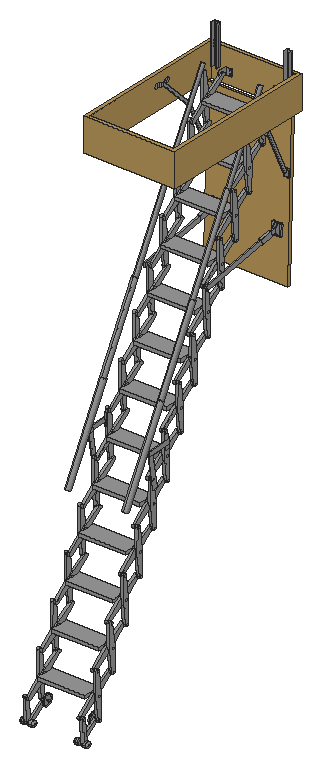
Revit family "schaartrap_Large-H 700x1200 mm", category Generic Models, Revit 2019 (continued)
Automatic sketch dimensions
  Sweep 51 sketch curve to Sweep 51 sketch curve = 20 mm
  level to Sweep 51 sketch curve = 20 mm
  Sweep 51 sketch curve to profile plane = 0 mm  (x2)
  Sweep 51 sketch curve to profile plane = 7.976 mm
  Sweep 51 sketch curve to Sweep 51 sketch curve = 2.281 mm
  Extrusion 54 sketch curve to plane 1 "Center (Front/Back)" = 20 mm
  level to Extrusion 54 sketch curve = 20 mm
  Sweep 55 sketch curve to Sweep 55 sketch curve = 0 mm  (x2)
  Sweep 55 sketch curve to plane 1 "Center (Front/Back)" = 0 mm
  Sweep 55 sketch curve to Sweep 55 sketch curve = 20 mm
  level to Sweep 55 sketch curve = 20 mm
  Sweep 55 sketch curve to profile plane = 0 mm  (x2)
  Sweep 55 sketch curve to profile plane = 7.976 mm
  Sweep 55 sketch curve to Sweep 55 sketch curve = 2.281 mm
  Extrusion 56 sketch curve to plane 1 "Center (Front/Back)" = 20 mm
  level to Extrusion 56 sketch curve = 20 mm
  Sweep 57 sketch curve to Sweep 57 sketch curve = 0 mm  (x2)
  Sweep 57 sketch curve to plane 1 "Center (Front/Back)" = 0 mm
  Sweep 57 sketch curve to Sweep 57 sketch curve = 20 mm
  level to Sweep 57 sketch curve = 20 mm
  profile plane to Sweep 57 sketch curve = 0 mm
  Sweep 57 sketch curve to profile plane = 0 mm
  profile plane to Sweep 57 sketch curve = 7.976 mm
  Sweep 57 sketch curve to Sweep 57 sketch curve = 2.281 mm
  curve 15 to plane 3 "Center (Left/Right)" = 0 mm
  curve 19 to plane 3 "Center (Left/Right)" = 0 mm
  plane 3 "Center (Left/Right)" to curve 16 = 34.056 mm
  curve 15 to curve 16 = 0 mm
  curve 15 to curve 19 = 117.973 mm
  curve 19 to plane 3 "Center (Left/Right)" = 34.056 mm
  curve 15 to curve 15 = 4227.74 mm
  Sweep 58 sketch curve to plane 13 = 0 mm
  Sweep 58 sketch curve to plane 12 = 0 mm
  Sweep 58 sketch curve to plane 19 "bk. omtimmering" = 0 mm
  Sweep 58 sketch curve to profile plane = 0 mm
  Sweep 58 sketch curve to Sweep 58 sketch curve = 24 mm
  Extrusion 59 sketch curve to plane 18 "traplijn" = 711.765 mm
  Extrusion 59 sketch curve to Extrusion 59 sketch curve = 20.48 mm
  Extrusion 59 sketch curve to Extrusion 59 sketch curve = 199.001 mm
  Extrusion 59 sketch curve to Extrusion 59 sketch curve = 3.611 mm
  plane 6 to Extrusion 60 sketch curve = 2 mm  (x2)
  Extrusion 60 sketch curve to plane 6 = 8 mm
  Extrusion 60 sketch curve to Extrusion 60 sketch curve = 10 mm  (x2)
  Extrusion 60 sketch curve to Extrusion 60 sketch curve = 73.838 mm
  plane 7 to Extrusion 60 sketch curve = 33 mm
  plane 8 to Extrusion 61 sketch curve = 2 mm  (x2)
  Extrusion 61 sketch curve to plane 8 = 8 mm
  Extrusion 61 sketch curve to Extrusion 61 sketch curve = 10 mm  (x2)
  Extrusion 61 sketch curve to Extrusion 61 sketch curve = 73.838 mm
  plane 9 to Extrusion 61 sketch curve = 33 mm
  Extrusion 62 sketch curve to plane 16 = 44.5 mm
  Extrusion 62 sketch curve to Extrusion 62 sketch curve = 60 mm
  Extrusion 62 sketch curve to plane 16 = 10 mm
  Extrusion 63 sketch curve to plane 15 = 44.5 mm
  Extrusion 63 sketch curve to Extrusion 63 sketch curve = 60 mm
  Extrusion 63 sketch curve to plane 15 = 10 mm
  plane 20 to Extrusion 64 sketch curve = 108.998 mm
  Extrusion 64 sketch curve to Extrusion 64 sketch curve = 5 mm
  Extrusion 64 sketch curve to Extrusion 64 sketch curve = 13.998 mm
  Extrusion 64 sketch curve to Extrusion 64 sketch curve = 6.458 mm  (x2)
  Extrusion 64 sketch curve to Extrusion 64 sketch curve = 0 mm  (x12)
  plane 19 "bk. omtimmering" to Extrusion 64 sketch curve = 5 mm
  Extrusion 64 sketch curve to Extrusion 64 sketch curve = 6.002 mm  (x2)
  Extrusion 64 sketch curve to Extrusion 64 sketch curve = 20 mm  (x11)
  Extrusion 64 sketch curve to plane 19 "bk. omtimmering" = 15 mm
  Extrusion 65 sketch curve to Extrusion 65 sketch curve = 28.028 mm
  Extrusion 65 sketch curve to plane 19 "bk. omtimmering" = 182.202 mm
  Extrusion 65 sketch curve to Extrusion 65 sketch curve = 25 mm
  Extrusion 66 sketch curve to plane 6 = 0 mm
  plane 6 to Extrusion 66 sketch curve = 4 mm
  Extrusion 66 sketch curve to plane 11 = 18.5 mm
  Extrusion 66 sketch curve to Extrusion 66 sketch curve = 4 mm
  Extrusion 66 sketch curve to Extrusion 66 sketch curve = 69.409 mm
  Extrusion 67 sketch curve to Extrusion 67 sketch curve = 0 mm  (x4)
  Extrusion 67 sketch curve to plane 11 = 9.236 mm  (x2)
  Extrusion 67 sketch curve to plane 19 "bk. omtimmering" = 143.203 mm
  Extrusion 67 sketch curve to Extrusion 67 sketch curve = 28.75 mm
  Extrusion 67 sketch curve to plane 11 = 4.236 mm  (x2)
  Extrusion 68 sketch curve to Extrusion 68 sketch curve = 0 mm  (x8)
  Extrusion 68 sketch curve to plane 16 = 25 mm
  Extrusion 68 sketch curve to Extrusion 68 sketch curve = 2 mm
  Extrusion 68 sketch curve to Extrusion 68 sketch curve = 1.001 mm
  plane 9 to Extrusion 68 sketch curve = 32.5 mm
  Extrusion 68 sketch curve to Extrusion 68 sketch curve = 1 mm
  Extrusion 68 sketch curve to Extrusion 68 sketch curve = 26.999 mm
  plane 20 to Extrusion 69 sketch curve = 108.998 mm
  Extrusion 69 sketch curve to Extrusion 69 sketch curve = 5 mm
  Extrusion 69 sketch curve to Extrusion 69 sketch curve = 13.998 mm
  Extrusion 69 sketch curve to Extrusion 69 sketch curve = 6.458 mm  (x2)
  Extrusion 69 sketch curve to Extrusion 69 sketch curve = 0 mm  (x12)
  plane 19 "bk. omtimmering" to Extrusion 69 sketch curve = 5 mm
  Extrusion 69 sketch curve to Extrusion 69 sketch curve = 20 mm  (x11)
  Extrusion 69 sketch curve to plane 19 "bk. omtimmering" = 15 mm
  Extrusion 69 sketch curve to Extrusion 69 sketch curve = 6.002 mm  (x2)
  Extrusion 70 sketch curve to Extrusion 70 sketch curve = 0 mm  (x6)
  Extrusion 70 sketch curve to plane 15 = 25 mm
  Extrusion 70 sketch curve to Extrusion 70 sketch curve = 2 mm
  Extrusion 70 sketch curve to Extrusion 70 sketch curve = 1.001 mm
  plane 7 to Extrusion 70 sketch curve = 32.5 mm
  Extrusion 70 sketch curve to Extrusion 70 sketch curve = 1 mm
  Extrusion 70 sketch curve to Extrusion 70 sketch curve = 27 mm
  Extrusion 70 sketch curve to Extrusion 70 sketch curve = 26.999 mm
  plane 16 to Extrusion 73 sketch curve = 1 mm  (x2)
  Extrusion 73 sketch curve to plane 16 = 2 mm  (x2)
  Extrusion 73 sketch curve to plane 16 = 15 mm
  Extrusion 73 sketch curve to Extrusion 73 sketch curve = 3 mm
  Extrusion 73 sketch curve to Extrusion 73 sketch curve = 22.101 mm  (x2)
  Extrusion 73 sketch curve to Extrusion 73 sketch curve = 1.562 mm  (x4)
  Extrusion 73 sketch curve to Extrusion 73 sketch curve = 11.203 mm  (x2)
  Extrusion 73 sketch curve to Extrusion 73 sketch curve = 28.769 mm
  Extrusion 74 sketch curve to plane 19 "bk. omtimmering" = 77.202 mm  (x2)
  Extrusion 74 sketch curve to Extrusion 74 sketch curve = 82 mm
  Extrusion 75 sketch curve to plane 19 "bk. omtimmering" = 62.202 mm
  Extrusion 75 sketch curve to Extrusion 75 sketch curve = 98.5 mm
  Extrusion 75 sketch curve to plane 19 "bk. omtimmering" = 77.202 mm
  Extrusion 75 sketch curve to Extrusion 75 sketch curve = 15 mm  (x2)
  Extrusion 76 sketch curve to plane 19 "bk. omtimmering" = 77.202 mm
  Extrusion 76 sketch curve to plane 20 = 33.181 mm
  Extrusion 76 sketch curve to Extrusion 76 sketch curve = 3.25 mm
  Extrusion 76 sketch curve to Extrusion 76 sketch curve = 4 mm
  plane 15 to Extrusion 77 sketch curve = 1 mm  (x2)
  Extrusion 77 sketch curve to plane 15 = 2 mm  (x2)
  Extrusion 77 sketch curve to plane 15 = 15 mm
  Extrusion 77 sketch curve to Extrusion 77 sketch curve = 3 mm
  Extrusion 77 sketch curve to Extrusion 77 sketch curve = 22.101 mm  (x2)
  Extrusion 77 sketch curve to Extrusion 77 sketch curve = 1.562 mm  (x4)
  Extrusion 77 sketch curve to Extrusion 77 sketch curve = 11.203 mm  (x2)
  Extrusion 77 sketch curve to Extrusion 77 sketch curve = 28.769 mm
  Extrusion 78 sketch curve to plane 19 "bk. omtimmering" = 92.202 mm
  Extrusion 78 sketch curve to plane 19 "bk. omtimmering" = 62.202 mm
  Extrusion 78 sketch curve to Extrusion 78 sketch curve = 98.5 mm
  Extrusion 78 sketch curve to Extrusion 78 sketch curve = 30 mm
  Extrusion 78 sketch curve to Extrusion 78 sketch curve = 15 mm
  Extrusion 79 sketch curve to plane 20 = 73.976 mm
  Extrusion 79 sketch curve to Extrusion 79 sketch curve = 11.169 mm
  Extrusion 79 sketch curve to Extrusion 79 sketch curve = 0.478 mm
  Extrusion 79 sketch curve to Extrusion 79 sketch curve = 277.781 mm
  Extrusion 79 sketch curve to Extrusion 79 sketch curve = 5.787 mm  (x2)
  Extrusion 79 sketch curve to Extrusion 79 sketch curve = 4.301 mm
  Extrusion 79 sketch curve to Extrusion 79 sketch curve = 193.032 mm
  Extrusion 79 sketch curve to Extrusion 79 sketch curve = 8.155 mm
  Extrusion 80 sketch curve to plane 20 = 73.976 mm
  Extrusion 80 sketch curve to Extrusion 80 sketch curve = 11.169 mm
  Extrusion 80 sketch curve to Extrusion 80 sketch curve = 0.478 mm
  Extrusion 80 sketch curve to Extrusion 80 sketch curve = 277.781 mm
  Extrusion 80 sketch curve to Extrusion 80 sketch curve = 5.787 mm  (x2)
  Extrusion 80 sketch curve to Extrusion 80 sketch curve = 188.731 mm
  Extrusion 80 sketch curve to Extrusion 80 sketch curve = 8.155 mm
  Extrusion 80 sketch curve to Extrusion 80 sketch curve = 4.301 mm
  Sweep 14 sketch curve to Sweep 14 sketch curve = 257.672 mm
  Sweep 14 sketch curve to Sweep 14 sketch curve = 643.315 mm
  Sweep 14 sketch curve to profile plane = 0 mm  (x2)
  Sweep 15 sketch curve to Sweep 15 sketch curve = 232.241 mm
  Sweep 15 sketch curve to Sweep 15 sketch curve = 579.823 mm
  Sweep 15 sketch curve to profile plane = 0 mm  (x2)
  Sweep 16 sketch curve to Sweep 16 sketch curve = 254.869 mm
  Sweep 16 sketch curve to Sweep 16 sketch curve = 636.315 mm
  Sweep 16 sketch curve to profile plane = 0 mm  (x2)
  Sweep 17 sketch curve to profile plane = 0 mm  (x2)
  Extrusion 81 sketch curve to Extrusion 81 sketch curve = 11.155 mm
  Extrusion 81 sketch curve to Extrusion 81 sketch curve = 22.709 mm
  Extrusion 81 sketch curve to Extrusion 81 sketch curve = 13.423 mm
  Extrusion 81 sketch curve to Extrusion 81 sketch curve = 24.003 mm
  Extrusion 81 sketch curve to Extrusion 81 sketch curve = 14.472 mm
  Extrusion 82 sketch curve to Extrusion 82 sketch curve = 3.617 mm  (x2)
  Extrusion 82 sketch curve to Extrusion 82 sketch curve = 23.983 mm  (x2)
  Extrusion 82 sketch curve to Extrusion 82 sketch curve = 123.59 mm
  Extrusion 82 sketch curve to Extrusion 82 sketch curve = 18.023 mm
  Extrusion 82 sketch curve to Extrusion 82 sketch curve = 3.252 mm
  Extrusion 82 sketch curve to Extrusion 82 sketch curve = 11.758 mm
  Extrusion 83 sketch curve to Extrusion 83 sketch curve = 11.69 mm
  Extrusion 83 sketch curve to Extrusion 83 sketch curve = 18.023 mm
  Extrusion 83 sketch curve to Extrusion 83 sketch curve = 11.758 mm  (x2)
  Extrusion 83 sketch curve to Extrusion 83 sketch curve = 29.781 mm
  Extrusion 83 sketch curve to Extrusion 83 sketch curve = 3.617 mm
  Extrusion 83 sketch curve to Extrusion 83 sketch curve = 44.672 mm
  Extrusion 83 sketch curve to Extrusion 83 sketch curve = 23.983 mm
  Extrusion 84 sketch curve to Extrusion 84 sketch curve = 19.372 mm  (x2)
  Extrusion 84 sketch curve to Extrusion 84 sketch curve = 9.746 mm  (x2)
  Extrusion 84 sketch curve to Extrusion 84 sketch curve = 43.196 mm
  Extrusion 84 sketch curve to Extrusion 84 sketch curve = 7.219 mm
  Extrusion 84 sketch curve to Extrusion 84 sketch curve = 213.535 mm
  Extrusion 84 sketch curve to Extrusion 84 sketch curve = 15.803 mm
  Sweep 18 sketch curve to Sweep 18 sketch curve = 257.672 mm
  Sweep 18 sketch curve to Sweep 18 sketch curve = 643.315 mm
  Sweep 18 sketch curve to profile plane = 0 mm  (x2)
  Sweep 19 sketch curve to Sweep 19 sketch curve = 232.241 mm
  Sweep 19 sketch curve to Sweep 19 sketch curve = 579.823 mm
  Sweep 19 sketch curve to profile plane = 0 mm  (x2)
  Sweep 20 sketch curve to Sweep 20 sketch curve = 254.869 mm
  Sweep 20 sketch curve to Sweep 20 sketch curve = 636.315 mm
  Sweep 20 sketch curve to profile plane = 0 mm  (x2)
  Sweep 21 sketch curve to profile plane = 0 mm  (x2)
  Extrusion 53 sketch curve to plane 20 = 78.084 mm
  Sweep 17 sketch curve to Sweep 17 sketch curve = 237.966 mm
  Sweep 17 sketch curve to Sweep 17 sketch curve = 594.115 mm
  Sweep 21 sketch curve to Sweep 21 sketch curve = 237.966 mm
  Sweep 21 sketch curve to Sweep 21 sketch curve = 594.115 mm
  Sweep 89 sketch curve to Sweep 89 sketch curve = 403.048 mm
  Sweep 89 sketch curve to Sweep 89 sketch curve = 563.739 mm
  Sweep 89 sketch curve to profile plane = 0 mm  (x2)
  Sweep 90 sketch curve to Sweep 90 sketch curve = 363.269 mm
  Sweep 90 sketch curve to Sweep 90 sketch curve = 508.101 mm
  Sweep 90 sketch curve to profile plane = 0 mm  (x2)
  Sweep 91 sketch curve to Sweep 91 sketch curve = 398.662 mm
  Sweep 91 sketch curve to Sweep 91 sketch curve = 557.605 mm
  Sweep 91 sketch curve to profile plane = 0 mm  (x2)
  Sweep 92 sketch curve to profile plane = 0 mm  (x2)
  Extrusion 93 sketch curve to Extrusion 93 sketch curve = 17.448 mm
  Extrusion 93 sketch curve to Extrusion 93 sketch curve = 23.631 mm
  Extrusion 93 sketch curve to Extrusion 93 sketch curve = 8.032 mm
  Extrusion 93 sketch curve to Extrusion 93 sketch curve = 24.976 mm
  Extrusion 93 sketch curve to Extrusion 93 sketch curve = 22.637 mm
  Extrusion 94 sketch curve to Extrusion 94 sketch curve = 0.099 mm  (x2)
  Extrusion 94 sketch curve to Extrusion 94 sketch curve = 25.931 mm  (x2)
  Extrusion 94 sketch curve to Extrusion 94 sketch curve = 124.498 mm
  Extrusion 94 sketch curve to Extrusion 94 sketch curve = 15.086 mm
  Extrusion 94 sketch curve to Extrusion 94 sketch curve = 14.502 mm
  Extrusion 94 sketch curve to Extrusion 94 sketch curve = 14.914 mm
  Extrusion 95 sketch curve to Extrusion 95 sketch curve = 0.321 mm
  Extrusion 95 sketch curve to Extrusion 95 sketch curve = 15.086 mm
  Extrusion 95 sketch curve to Extrusion 95 sketch curve = 14.914 mm  (x2)
  Extrusion 95 sketch curve to Extrusion 95 sketch curve = 30 mm
  Extrusion 95 sketch curve to Extrusion 95 sketch curve = 0.099 mm
  Extrusion 95 sketch curve to Extrusion 95 sketch curve = 45 mm
  Extrusion 95 sketch curve to Extrusion 95 sketch curve = 25.931 mm
  Extrusion 96 sketch curve to Extrusion 96 sketch curve = 16.487 mm  (x2)
  Extrusion 96 sketch curve to Extrusion 96 sketch curve = 13.425 mm  (x2)
  Extrusion 96 sketch curve to Extrusion 96 sketch curve = 3.413 mm
  Extrusion 96 sketch curve to Extrusion 96 sketch curve = 2.296 mm
  Extrusion 96 sketch curve to Extrusion 96 sketch curve = 219.355 mm
  Extrusion 96 sketch curve to Extrusion 96 sketch curve = 18.793 mm
  Sweep 92 sketch curve to Sweep 92 sketch curve = 372.223 mm
  Sweep 92 sketch curve to Sweep 92 sketch curve = 520.625 mm
  Extrusion 38 sketch curve to Extrusion 38 sketch curve = 0 mm  (x2)
  Extrusion 3 sketch curve to Extrusion 3 sketch curve = 0 mm  (x2)
  Extrusion 10 sketch curve to Extrusion 10 sketch curve = 0 mm  (x2)
  Extrusion 97 sketch curve to Extrusion 97 sketch curve = 3.183 mm
  Extrusion 97 sketch curve to Extrusion 97 sketch curve = 3.949 mm  (x4)
  Extrusion 97 sketch curve to Extrusion 97 sketch curve = 152.375 mm
  Extrusion 97 sketch curve to Extrusion 97 sketch curve = 4.653 mm
  plane 20 to Extrusion 97 sketch curve = 92.409 mm
  Extrusion 97 sketch curve to plane 20 = 1741.344 mm
  Extrusion 97 sketch curve to Extrusion 97 sketch curve = 47.045 mm
  Extrusion 97 sketch curve to Extrusion 97 sketch curve = 74.856 mm
  Extrusion 97 sketch curve to Extrusion 97 sketch curve = 226.432 mm
  Extrusion 97 sketch curve to Extrusion 97 sketch curve = 0.637 mm  (x2)
  Extrusion 97 sketch curve to Extrusion 97 sketch curve = 19.745 mm
  Extrusion 97 sketch curve to Extrusion 97 sketch curve = 5.05 mm
  Extrusion 4 sketch curve to Extrusion 4 sketch curve = 8.413 mm  (x4)
  Extrusion 53 sketch curve to plane 21 = 245.954 mm
  Sweep 58 sketch curve to plane 21 = 0 mm
  Extrusion 59 sketch curve to plane 21 = 97.531 mm
  Extrusion 64 sketch curve to plane 21 = 62.998 mm
  Extrusion 65 sketch curve to plane 21 = 105.409 mm
  Extrusion 66 sketch curve to plane 21 = 26 mm
  Extrusion 68 sketch curve to plane 21 = 56 mm
  Extrusion 69 sketch curve to plane 21 = 62.998 mm
  Extrusion 70 sketch curve to plane 21 = 26 mm
  Extrusion 73 sketch curve to plane 21 = 539.25 mm
  Extrusion 74 sketch curve to plane 21 = 531 mm
  Extrusion 75 sketch curve to plane 21 = 539.25 mm
  Extrusion 76 sketch curve to Extrusion 76 sketch curve = 0 mm  (x2)
  Extrusion 76 sketch curve to plane 21 = 490 mm
  Extrusion 76 sketch curve to plane 21 = 261.309 mm
  Extrusion 77 sketch curve to plane 21 = 440.75 mm
  Extrusion 78 sketch curve to plane 21 = 440.75 mm
  Extrusion 79 sketch curve to plane 18 "traplijn" = 132.92 mm
  Extrusion 80 sketch curve to plane 18 "traplijn" = 132.92 mm
  Extrusion 97 sketch curve to plane 21 = 76.388 mm
  Extrusion 4 sketch curve to plane 1 "Center (Front/Back)" = 337.316 mm
  Extrusion 4 sketch curve to plane 22 = 251.175 mm
  Extrusion 4 sketch curve to plane 22 = 122.564 mm
  Extrusion 4 sketch curve to plane 22 = 114.151 mm
  plane 22 to Extrusion 4 sketch curve = 6.047 mm
  plane 22 to Extrusion 4 sketch curve = 14.46 mm
  Sweep 58 sketch curve to plane 22 = 0 mm
  plane 22 to Extrusion 97 sketch curve = 70.841 mm
  Extrusion 97 sketch curve to plane 22 = 42.452 mm
  curve 5 to plane 13 = 0 mm
  curve 14 to plane 3 "Center (Left/Right)" = 0 mm
  curve 11 to plane 3 "Center (Left/Right)" = 0 mm
  curve 13 to plane 3 "Center (Left/Right)" = 0 mm
  curve 9 to plane 11 = 0 mm
  curve 3 to plane 12 = 0 mm
  curve 2 to plane 22 = 0 mm
  curve 13 to plane 21 = 0 mm
  curve 13 to plane 3 "Center (Left/Right)" = 25.981 mm
  plane 3 "Center (Left/Right)" to curve 12 = 25.981 mm
  curve 10 to plane 22 = 103.331 mm
  curve 14 to curve 11 = 45 mm
  curve 9 to plane 22 = 103.331 mm
  curve 8 to plane 22 = 103.331 mm
  curve 1 to plane 1 "Center (Front/Back)" = 81.45 mm
  plane 22 to curve 7 = 6.047 mm
  curve 7 to curve 6 = 128.611 mm
  curve 6 to curve 20 = 128.611 mm
  curve 20 to curve 21 = 128.611 mm
  curve 21 to curve 22 = 128.611 mm
  curve 22 to curve 23 = 128.611 mm
  curve 23 to curve 24 = 128.611 mm
  curve 24 to curve 25 = 128.611 mm
  Extrusion 71 sketch curve to plane 8 = 0 mm
  plane 8 to Extrusion 71 sketch curve = 4 mm
  Extrusion 71 sketch curve to plane 10 = 18.5 mm
  Extrusion 71 sketch curve to plane 21 = 99.409 mm
  Extrusion 71 sketch curve to plane 21 = 30 mm
  Extrusion 71 sketch curve to Extrusion 71 sketch curve = 4 mm
  Extrusion 72 sketch curve to Extrusion 72 sketch curve = 0 mm  (x4)
  Extrusion 72 sketch curve to plane 10 = 9.236 mm  (x2)
  plane 20 to Extrusion 72 sketch curve = 78.047 mm
  Extrusion 72 sketch curve to Extrusion 72 sketch curve = 28.75 mm
  Extrusion 72 sketch curve to plane 10 = 4.236 mm  (x2)
  curve 25 to plane 10 = 0 mm
  radius of Extrusion 38 sketch curve = 5.05 mm  (x37)
  radius of Extrusion 38 sketch curve = 5.25 mm
  radius of Extrusion 52 sketch curve = 21 mm  (x13)
  radius of Extrusion 3 sketch curve = 5.05 mm  (x37)
  radius of Extrusion 3 sketch curve = 5.25 mm
  radius of Extrusion 35 sketch curve = 21 mm  (x13)
  radius of Extrusion 10 sketch curve = 5.05 mm  (x37)
  radius of Extrusion 10 sketch curve = 5.25 mm
  radius of Extrusion 34 sketch curve = 21 mm  (x13)
  radius of Extrusion 44 sketch curve = 4 mm
  radius of Extrusion 42 sketch curve = 5.25 mm  (x2)
  radius of Extrusion 47 sketch curve = 4 mm
  radius of Extrusion 24 sketch curve = 4 mm
  radius of Extrusion 22 sketch curve = 5.25 mm  (x2)
  radius of Extrusion 33 sketch curve = 4 mm
  radius of Extrusion 28 sketch curve = 4 mm
  radius of Extrusion 26 sketch curve = 5.25 mm  (x2)
  radius of Extrusion 31 sketch curve = 4 mm
  radius of Extrusion 48 sketch curve = 20 mm
  radius of Extrusion 50 sketch curve = 20 mm
  radius of Extrusion 54 sketch curve = 20 mm
  radius of Extrusion 56 sketch curve = 20 mm
  radius of Extrusion 64 sketch curve = 5.25 mm  (x14)
  radius of Extrusion 69 sketch curve = 5.25 mm  (x14)
  radius of Extrusion 74 sketch curve = 3.25 mm  (x2)
  radius of Extrusion 53 sketch curve = 4 mm
  radius of Sweep 14 sketch curve = 20 mm
  radius of Sweep 15 sketch curve = 17.5 mm
  radius of Sweep 16 sketch curve = 15 mm
  radius of Sweep 17 sketch curve = 12.5 mm
  radius of Sweep 18 sketch curve = 20 mm
  radius of Sweep 19 sketch curve = 17.5 mm
  radius of Sweep 20 sketch curve = 15 mm
  radius of Sweep 21 sketch curve = 12.5 mm
  radius of Sweep 89 sketch curve = 20 mm
  radius of Sweep 90 sketch curve = 17.5 mm
  radius of Sweep 91 sketch curve = 15 mm
  radius of Sweep 92 sketch curve = 12.5 mm
  radius of Extrusion 97 sketch curve = 4 mm  (x3)
